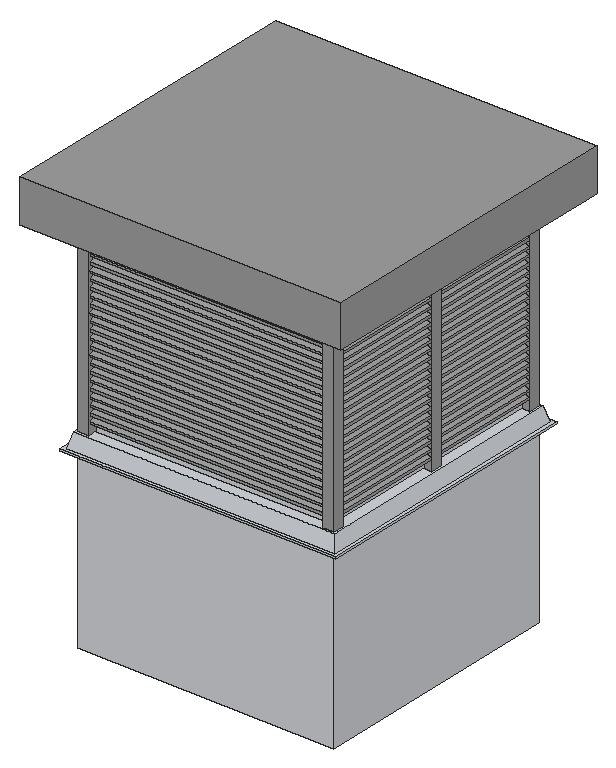
Revit family "SEQ_A3-Roof-light-1", category Specialty Equipment, Revit 2016
Family settings
  Part Type = Normal
  Round Connector Dimension = Use Diameter
  Work Plane-Based = No
  Always vertical = Yes
  Cut with Voids When Loaded = No
  Shared = No
  Room Calculation Point = No
Reference planes
  plane 1 "Center (Front/Back)": y = 0
  plane 2: z = 0
  plane 3 "Center (Left/Right)": x = 0
  plane 4 "T/O roof light": z = 1700
  plane 5: z = -600
Forms (mm)
  Extrusion 1, solid
    sketch origin (0, 0, 0) x (1, 0, 0) y (0, 1, 0)
      loop
        line (-600, 600) -> (-600, -600) -> (600, -600) -> (600, 600) -> (-600, 600)
      loop
        line (-550, 550) -> (-550, -550) -> (550, -550) -> (550, 550) -> (-550, 550)
    from -600 to 300
  Sweep 2, solid
    path origin (0, 0, 1700) x (-1, 0, 0) y (0, -1, 0)
      loop
        line (600, -600) -> (600, 600) -> (-600, 600) -> (-600, -600) -> (600, -600)
    profile origin (0, 600, 1700) x (0, 1, 0) y (0, 0, 1)
      loop
        line (28.72, -1459.862) -> (10, -1390) -> (-40, -1390) -> (-40, -1345) -> (-50, -1345) -> (-50, -1400) -> (2.327, -1400) -> (21.046, -1469.862) -> (46.046, -1469.862) -> (46.046, -1459.862) -> (28.72, -1459.862)
  Extrusion 3, solid, material "Metal"
    sketch origin (0, 0, 1700) x (-1, 0, 0) y (0, -1, 0)
      loop
        line (550, 550) -> (600, 550) -> (600, 600) -> (550, 600) -> (550, 550)
      loop
        line (550, -550) -> (550, -600) -> (600, -600) -> (600, -550) -> (550, -550)
      loop
        line (-550, 550) -> (-550, 600) -> (-600, 600) -> (-600, 550) -> (-550, 550)
      loop
        line (-550, -550) -> (-600, -550) -> (-600, -600) -> (-550, -600) -> (-550, -550)
      loop
        line (550, 25) -> (550, -25) -> (600, -25) -> (600, 25) -> (550, 25)
      loop
        line (-550, 25) -> (-600, 25) -> (-600, -25) -> (-550, -25) -> (-550, 25)
    from -1390 to -510.334
  Extrusion 4, solid, material "Metal"
    sketch origin (0, 0, 2534.666) x (-1, 0, 0) y (0, -1, 0)
      loop
        line (600, -600) -> (600, 600) -> (-600, 600) -> (-600, -600) -> (600, -600)
      loop
        line (550, -550) -> (550, 550) -> (-550, 550) -> (-550, -550) -> (550, -550)
    from -1390 to -1345
  Sweep 5, solid, material "Metal"
    path origin (0, 0, 1700) x (-1, 0, 0) y (0, -1, 0)
      loop
        line (600, -600) -> (600, 600) -> (-600, 600) -> (-600, -600) -> (600, -600)
    profile origin (0, 600, 1700) x (0, 1, 0) y (0, 0, 1)
      loop
        line (-5.514, -814.234) -> (-5.514, -804.234) -> (-41.766, -787.329) -> (-41.766, -777.329) -> (-46.766, -777.329) -> (-46.766, -790.515) -> (-10.514, -807.419) -> (-10.514, -814.234) -> (-5.514, -814.234)
      loop
        line (-5.514, -778.955) -> (-5.514, -768.955) -> (-41.766, -752.05) -> (-41.766, -742.05) -> (-46.766, -742.05) -> (-46.766, -755.235) -> (-10.514, -772.14) -> (-10.514, -778.955) -> (-5.514, -778.955)
      loop
        line (-5.514, -743.676) -> (-5.514, -733.676) -> (-41.766, -716.771) -> (-41.766, -706.771) -> (-46.766, -706.771) -> (-46.766, -719.956) -> (-10.514, -736.861) -> (-10.514, -743.676) -> (-5.514, -743.676)
      loop
        line (-5.514, -708.396) -> (-5.514, -698.396) -> (-41.766, -681.492) -> (-41.766, -671.492) -> (-46.766, -671.492) -> (-46.766, -684.677) -> (-10.514, -701.582) -> (-10.514, -708.396) -> (-5.514, -708.396)
      loop
        line (-5.514, -673.117) -> (-5.514, -663.117) -> (-41.766, -646.212) -> (-41.766, -636.212) -> (-46.766, -636.212) -> (-46.766, -649.398) -> (-10.514, -666.302) -> (-10.514, -673.117) -> (-5.514, -673.117)
      loop
        line (-5.514, -637.838) -> (-5.514, -627.838) -> (-41.766, -610.933) -> (-41.766, -600.933) -> (-46.766, -600.933) -> (-46.766, -614.118) -> (-10.514, -631.023) -> (-10.514, -637.838) -> (-5.514, -637.838)
      loop
        line (-5.514, -602.559) -> (-5.514, -592.559) -> (-41.766, -575.654) -> (-41.766, -565.654) -> (-46.766, -565.654) -> (-46.766, -578.839) -> (-10.514, -595.744) -> (-10.514, -602.559) -> (-5.514, -602.559)
      loop
        line (-5.514, -1025.909) -> (-5.514, -1015.909) -> (-41.766, -999.005) -> (-41.766, -989.005) -> (-46.766, -989.005) -> (-46.766, -1002.19) -> (-10.514, -1019.095) -> (-10.514, -1025.909) -> (-5.514, -1025.909)
      loop
        line (-5.514, -990.63) -> (-5.514, -980.63) -> (-41.766, -963.726) -> (-41.766, -953.726) -> (-46.766, -953.726) -> (-46.766, -966.911) -> (-10.514, -983.816) -> (-10.514, -990.63) -> (-5.514, -990.63)
      loop
        line (-5.514, -955.351) -> (-5.514, -945.351) -> (-41.766, -928.446) -> (-41.766, -918.446) -> (-46.766, -918.446) -> (-46.766, -931.632) -> (-10.514, -948.536) -> (-10.514, -955.351) -> (-5.514, -955.351)
      loop
        line (-5.514, -920.072) -> (-5.514, -910.072) -> (-41.766, -893.167) -> (-41.766, -883.167) -> (-46.766, -883.167) -> (-46.766, -896.352) -> (-10.514, -913.257) -> (-10.514, -920.072) -> (-5.514, -920.072)
      loop
        line (-5.514, -884.792) -> (-5.514, -874.792) -> (-41.766, -857.888) -> (-41.766, -847.888) -> (-46.766, -847.888) -> (-46.766, -861.073) -> (-10.514, -877.978) -> (-10.514, -884.792) -> (-5.514, -884.792)
      loop
        line (-5.514, -849.513) -> (-5.514, -839.513) -> (-41.766, -822.609) -> (-41.766, -812.609) -> (-46.766, -812.609) -> (-46.766, -825.794) -> (-10.514, -842.699) -> (-10.514, -849.513) -> (-5.514, -849.513)
      loop
        line (-5.514, -1237.585) -> (-5.514, -1227.585) -> (-41.766, -1210.68) -> (-41.766, -1200.68) -> (-46.766, -1200.68) -> (-46.766, -1213.866) -> (-10.514, -1230.77) -> (-10.514, -1237.585) -> (-5.514, -1237.585)
      loop
        line (-5.514, -1202.306) -> (-5.514, -1192.306) -> (-41.766, -1175.401) -> (-41.766, -1165.401) -> (-46.766, -1165.401) -> (-46.766, -1178.586) -> (-10.514, -1195.491) -> (-10.514, -1202.306) -> (-5.514, -1202.306)
      loop
        line (-5.514, -1167.026) -> (-5.514, -1157.026) -> (-41.766, -1140.122) -> (-41.766, -1130.122) -> (-46.766, -1130.122) -> (-46.766, -1143.307) -> (-10.514, -1160.212) -> (-10.514, -1167.026) -> (-5.514, -1167.026)
      loop
        line (-5.514, -1131.747) -> (-5.514, -1121.747) -> (-41.766, -1104.842) -> (-41.766, -1094.842) -> (-46.766, -1094.842) -> (-46.766, -1108.028) -> (-10.514, -1124.933) -> (-10.514, -1131.747) -> (-5.514, -1131.747)
      loop
        line (-5.514, -1096.468) -> (-5.514, -1086.468) -> (-41.766, -1069.563) -> (-41.766, -1059.563) -> (-46.766, -1059.563) -> (-46.766, -1072.749) -> (-10.514, -1089.653) -> (-10.514, -1096.468) -> (-5.514, -1096.468)
      loop
        line (-5.514, -1061.189) -> (-5.514, -1051.189) -> (-41.766, -1034.284) -> (-41.766, -1024.284) -> (-46.766, -1024.284) -> (-46.766, -1037.469) -> (-10.514, -1054.374) -> (-10.514, -1061.189) -> (-5.514, -1061.189)
      loop
        line (-5.514, -1343.423) -> (-5.514, -1333.423) -> (-41.766, -1316.518) -> (-41.766, -1306.518) -> (-46.766, -1306.518) -> (-46.766, -1319.703) -> (-10.514, -1336.608) -> (-10.514, -1343.423) -> (-5.514, -1343.423)
      loop
        line (-5.514, -1308.143) -> (-5.514, -1298.143) -> (-41.766, -1281.239) -> (-41.766, -1271.239) -> (-46.766, -1271.239) -> (-46.766, -1284.424) -> (-10.514, -1301.329) -> (-10.514, -1308.143) -> (-5.514, -1308.143)
      loop
        line (-5.514, -1272.864) -> (-5.514, -1262.864) -> (-41.766, -1245.959) -> (-41.766, -1235.959) -> (-46.766, -1235.959) -> (-46.766, -1249.145) -> (-10.514, -1266.05) -> (-10.514, -1272.864) -> (-5.514, -1272.864)
  Extrusion 6, solid, material "Metal"
    sketch origin (0, 0, 1389.666) x (-1, 0, 0) y (0, -1, 0)
      loop
        line (750, -750) -> (750, 750) -> (-750, 750) -> (-750, -750) -> (750, -750)
    from 0 to -200
Lines and regions (mm)
  symbolic lines
    curve 1: line (-750, -750, 0) -> (750, -750, 0)
    curve 2: line (-750, 750, 0) -> (-750, -750, 0)
    curve 3: line (750, 750, 0) -> (-750, 750, 0)
    curve 4: line (750, -750, 0) -> (750, 750, 0)
    curve 5: line (600, 600, 0) -> (-600, 600, 0)
    curve 6: line (-600, 600, 0) -> (-600, -600, 0)
    curve 7: line (-600, -600, 0) -> (600, -600, 0)
    curve 8: line (600, -600, 0) -> (600, 600, 0)
    curve 9: line (550, 550, 0) -> (-550, 550, 0)
    curve 10: line (-550, 550, 0) -> (-550, -550, 0)
    curve 11: line (-550, -550, 0) -> (550, -550, 0)
    curve 12: line (550, -550, 0) -> (550, 550, 0)
Dimensions and locks
  plane 4 "T/O roof light" to level = 1700 mm
  aligned and locked: Extrusion 1 sketch curve to curve 6
  aligned and locked: Extrusion 1 sketch curve to curve 5
  aligned and locked: curve 7 to Extrusion 1 sketch curve
  aligned and locked: Extrusion 1 sketch curve to curve 8
  aligned and locked: Sweep 2 sketch curve to curve 6
  aligned and locked: Sweep 2 sketch curve to curve 5
  aligned and locked: curve 7 to Sweep 2 sketch curve
  aligned and locked: Sweep 2 sketch curve to curve 8
